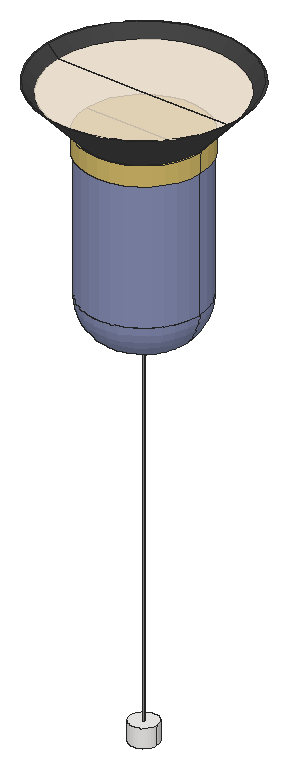
Revit family "Haworth_BuzziHat_Light", category Lighting Fixtures, host Face, Revit 2018
Family settings
  Host = Face
  Round Connector Dimension = Use Diameter
  Part Type = Normal
  Cut with Voids When Loaded = No
  Light Source = No
  Shared = No
  Room Calculation Point = No
Parameters (values of type "HCBZ-HTP4 - Extra Large")
  Warranty = "http://www.haworth.com/resources/product-info/warranties"
  Upholstery Finish [instance] = Haworth _ Fabric _ Kvadrat Hero_BHR-751
  URL - Product = "https://www.haworth.com/products/lighting/acoustic/buzzihat"
  URL = "http://www.haworth.com/our-brands/haworth-collection"
  Small = not(or(Medium, Large, Extra Large))  # no
  Ring Finish [instance] = Haworth _ Metal _ Gold BTR-GOLD
  Revision = "1"  # constant formula
  Note = "Verify Final Dim. w/ Haworth"  # constant formula
  Model = "HCBZ-HTP"  # constant formula
  Min. Cable Length = 10.00"  # constant formula
  Medium = no
  Max. Cable Length = 196.85039"  # constant formula
  Manufacturer = "Haworth"  # constant formula
  Large = no
  Lamp Shade Finish [instance] = Haworth _ Metal _ Black BTR-9005
  Glass Finish = Haworth _ Glass _ Frosted
  Extra Large = yes
  Description = "Haworth BuzziHat Pendant Light Extra Large"
  Default Elevation = 0.00"
  Cords Finish [instance] = Haworth _ Metal _ Satin Aluminum_Grey-Cord TR-E05
  Cable Length [instance] = 36.00"
  Author = "Haworth (Alias)"  # constant formula
  Assembly Code = "E2020200"
  Actual Width = 20.47244"  # constant formula
  Actual Height = if(Extra Large, 24.41016", if(Large, 20.46875", if(Medium, 16.53906", 11.01953")))  # 24.41016"
  Actual Depth = 20.47244"  # constant formula
  Actual Cable Length [instance] = if(Cable Length > Max. Cable Length, Max. Cable Length, if(Cable Length < Min. Cable Length, Min. Cable Length, Cable Length))  # 36.00"
Types (5): name | Small | Medium | Large | Extra Large | Description | Actual Height
  (no name) | no | no | no | yes | "Haworth BuzziHat Pendant Light Extra Large" | 24.41016"
  HCBZ-HTP3 - Large | no | no | yes | no | "Haworth BuzziHat Pendant Light Large" | 20.46875"
  HCBZ-HTP2 - Medium | no | yes | no | no | "Haworth BuzziHat Pendant Light Medium" | 16.53906"
  HCBZ-HTP1 - Small | yes | no | no | no | "Haworth BuzziHat Pendant Light Small" | 11.01953"
  HCBZ-HTP4 - Extra Large | no | no | no | yes | "Haworth BuzziHat Pendant Light Extra Large" | 24.41016"
Reference planes (in)
  plane 1 "Center (Front/Back)": y = 0
  plane 2: z = 0
  plane 3 "Center (Left/Right)": x = 0
  plane 4 "Left": x = -10.23622
  plane 5 "Right": x = 10.23622
  plane 6 "Back": y = 10.23622
  plane 7 "Front": y = -10.23622
  plane 8 "Support Bottom": z = 1.88976
  plane 9 "Shade Bottom": z = 37.88976
  plane 10: z = 38.08661
Forms (in)
  Extrusion 1, solid, material "Haworth _ Paint _ Collection White"
    sketch origin (0, 0, 0) x (1, 0, 0) y (0, 1, 0)
      loop
        circle (0, 0) r 1.37795
    from 0 to 1.88976
  Extrusion 2, solid
    sketch origin (0, 0, 0) x (1, 0, 0) y (0, 1, 0)
      loop
        circle (0, 0) r 1.67323
    from 37.88976 to 38.08661
  Extrusion 3, solid, material "Haworth _ Metal _ Satin Aluminum_Grey-Cord TR-E05" <- "Cords Finish"
    sketch origin (0, 0, 0) x (1, 0, 0) y (0, 1, 0)
      loop
        circle (0, 0) r 0.07926
    from 1.88976 to 37.88976
Dimensions and locks (in)
  "Actual Depth": plane 6 "Back" to plane 7 "Front"
  equal spacing: plane 6 "Back", plane 1 "Center (Front/Back)", plane 7 "Front"
  equal spacing: plane 4 "Left", plane 3 "Center (Left/Right)", plane 5 "Right"
  "Actual Width": plane 4 "Left" to plane 5 "Right"
  locked: plane 8 "Support Bottom" to plane 2 at 1.88976
  locked: plane 10 to plane 9 "Shade Bottom" at 0.19685
  "Actual Cable Length": plane 9 "Shade Bottom" to plane 8 "Support Bottom"
  radius of Extrusion 1 sketch curve = 1.37795"
  radius of Extrusion 3 sketch curve = 0.07926"
  aligned and locked: plane 2 to host face
  aligned and locked: level to host face
  aligned and locked: plane 1 "Center (Front/Back)" to Extrusion 1 sketch curve
  aligned and locked: plane 3 "Center (Left/Right)" to Extrusion 1 sketch curve
  aligned and locked: Extrusion 1 to plane 2
  aligned and locked: plane 8 "Support Bottom" to Extrusion 1
  aligned and locked: plane 10 to Extrusion 2
  aligned and locked: Extrusion 2 to plane 9 "Shade Bottom"
  aligned and locked: plane 1 "Center (Front/Back)" to nested 1
  aligned and locked: plane 3 "Center (Left/Right)" to nested 1
  aligned and locked: nested 1 to plane 10
  aligned and locked: plane 1 "Center (Front/Back)" to Extrusion 3 sketch curve
  aligned and locked: plane 3 "Center (Left/Right)" to Extrusion 3 sketch curve
  aligned and locked: Extrusion 3 to plane 8 "Support Bottom"
  aligned and locked: plane 9 "Shade Bottom" to Extrusion 3
Automatic sketch dimensions
  host sketch curve to host sketch curve = 96.00"  (x2)
  plane 1 "Center (Front/Back)" to Extrusion 2 sketch curve = 0.00"
  Extrusion 2 sketch curve to plane 3 "Center (Left/Right)" = 0.00"
  radius of Extrusion 2 sketch curve = 1.67323"
Nested families (in)
  nested 1: "Haworth_BuzziHat_Pendant_PART" at (0, 0, 38.08661), type "Pendant"
Definition of nested family "Haworth_BuzziHat_Pendant_PART"
  Parameters (values of type "Pendant")
    Wattage = 19 W
    Warranty = "http://www.haworth.com/resources/product-info/warranties"
    built-in parameter 1150110 = 1 (stored number, unit not read)
    Upholstery Finish = none
    URL - Product = "https://www.haworth.com/products/lighting/acoustic/buzzihat"
    URL = "http://www.haworth.com/our-brands/haworth-collection"
    Trim Finish = none
    built-in parameter 1114217 = 1 (stored number, unit not read)
    Tilt Angle = 90.00°
    built-in parameter 1150109 = 1 (stored number, unit not read)
    built-in parameter 1150134 = (empty or 0)
    built-in parameter 1150113 = 1 (stored number, unit not read)
    Small = no
    Size = "Verify Final Dim. w/ Haworth"  # constant formula
    Shade Radius = 4.25"  # constant formula
    Revision Number = "1"  # constant formula
    Photometric Web File = "generic"
    built-in parameter 1150142 = (empty or 0)
    Model = "HCBZ-HTP"  # constant formula
    Medium = no
    Manufacturer = "Haworth"  # constant formula
    built-in parameter 1150105 = 158.76 (stored number, unit not read)
    Lumens = 1995 lm
    built-in parameter 1150115 = 1 (stored number, unit not read)
    built-in parameter 1150137 = (empty or 0)
    built-in parameter 1150139 = (empty or 0)
    Large = no
    built-in parameter 1150112 = 1 (stored number, unit not read)
    Lamp Shade Finish = none
    built-in parameter 1150114 = 1 (stored number, unit not read)
    built-in parameter 1150132 = (empty or 0)
    built-in parameter 1150102 = (empty or 0)
    built-in parameter 1150107 = 3000 (stored number, unit not read)
    built-in parameter 1150138 = (empty or 0)
    built-in parameter 1150106 = 1.5876 (stored number, unit not read)
    Glass Finish = none
    Extra Large = yes
    Emit from Circle Diameter = 24.00"
    Emit Shape Visible in Rendering = no
    built-in parameter 1150104 = 9.7548 (stored number, unit not read)
    Dimming Lamp Color Temperature Shift = (empty or 0)
    Description = "Haworth BuzziHat Pendant - Part"
    Color Filter = 16777215
    built-in parameter 1114218 = 1 (stored number, unit not read)
    Author = "Haworth(Alias)"  # constant formula
    built-in parameter 1150133 = 10 (stored number, unit not read)
    Actual Width = 20.47266"  # constant formula
    Actual Height = if(Extra Large, 24.41016", if(Large, 20.46875", if(Medium, 16.53906", 11.01953")))  # 24.41016"
    Actual Depth = 20.47266"  # constant formula
  Reference planes (in)
    plane 1 "Light Source Axis (F/B)": y = 0
    plane 2 "Bottom": z = 0
    plane 3 "Light Source Axis (L/R)": x = 0
    plane 4 "Light Source Elevation": z = 24.41016
    plane 5: y = 10.23633
    plane 6: y = -10.23633
    plane 7: x = 10.23633
    plane 8: x = -10.23633
    plane 9 "Top": z = 24.41016
    plane 10 "Inside Left": x = -5.87534
    plane 11 "Inside Right'": x = 5.87534
    plane 12 "Upholstery Top": z = 17.77854
    plane 13 "Ring Top": z = 19.74704
  Forms (in)
    Revolve 1, solid, material <- "Upholstery Finish"
      sketch origin (0, 0, 0) x (1, 0, 0) y (0, 0, 1)
        loop
          line (-5.87534, 17.77854) -> (-5.87534, 4.25)
          arc (-5.87534, 4.25) -> (-4.63055, 1.2448) -> (-1.62534, 0) r 4.25
          line (-1.62534, 0) -> (0, 0) -> (0, 17.77854) -> (-5.87534, 17.77854)
        axis (0, 17.77854) -> (0, 0)
      angle from 0 to 360
    Revolve 2, solid, material <- "Trim Finish"
      sketch origin (0, 0, 0) x (1, 0, 0) y (0, 0, 1)
        loop
          line (-6.05349, 19.74704) -> (-6.05349, 17.77854) -> (0, 17.77854) -> (0, 19.74704) -> (-6.05349, 19.74704)
        axis (0, 19.74704) -> (0, 17.77854)
      angle from 0 to 360
    Revolve 3, solid, material <- "Lamp Shade Finish"
      sketch origin (0, 0, 0) x (1, 0, 0) y (0, 0, 1)
        loop
          line (-10.23633, 24.41016) -> (-5.87534, 19.74704) -> (0, 19.74704) -> (0, 23.31878) -> (-9.09236, 23.31878) -> (-10.11303, 24.41016) -> (-10.23633, 24.41016)
        axis (0, 24.41016) -> (0, 19.74704)
      angle from 0 to 360
  Lines and regions (in)
    Masking region 1
      outline origin (0, 0, 0) x (1, 0, 0) y (0, 1, 0)
        loop
          circle (0, 0) r 10.23622
  Dimensions and locks (in)
    "Actual Depth": plane 5 to plane 6
    "Actual Width": plane 8 to plane 7
    equal spacing: plane 6, plane 1 "Light Source Axis (F/B)", plane 5
    equal spacing: plane 8, plane 3 "Light Source Axis (L/R)", plane 7
    locked: plane 3 "Light Source Axis (L/R)" to plane 10 "Inside Left" at 5.87534
    locked: plane 11 "Inside Right'" to plane 3 "Light Source Axis (L/R)" at 5.87534
    plane 12 "Upholstery Top" to plane 2 "Bottom" = 17.77854"
    locked: Revolve 2 sketch curve to Revolve 2 sketch curve at 6.05349
    locked: plane 13 "Ring Top" to plane 12 "Upholstery Top" at 1.9685
    locked: plane 9 "Top" to plane 13 "Ring Top" at 4.66312
    locked: Revolve 3 sketch curve to Revolve 3 sketch curve at 0.1233
    locked: plane 9 "Top" to Revolve 3 sketch curve at 1.09138
    "Actual Height": plane 9 "Top" to plane 2 "Bottom"
    "Shade Radius": radius of Revolve 1 sketch curve
    radius of Masking region 1 sketch curve = 10.23622"
    aligned and locked: level to plane 2 "Bottom"
    aligned and locked: imposter light to plane 4 "Light Source Elevation"
    aligned and locked: Revolve 1 sketch curve to plane 10 "Inside Left"
    aligned and locked: plane 2 "Bottom" to Revolve 1 sketch curve
    aligned and locked: Revolve 1 sketch curve to plane 3 "Light Source Axis (L/R)"
    aligned and locked: plane 12 "Upholstery Top" to Revolve 1 sketch curve
    aligned and locked: plane 3 "Light Source Axis (L/R)" to Revolve 1 sketch curve
    aligned and locked: plane 13 "Ring Top" to Revolve 2 sketch curve
    aligned and locked: plane 3 "Light Source Axis (L/R)" to Revolve 2 sketch curve
    aligned and locked: Revolve 2 sketch curve to plane 12 "Upholstery Top"
    aligned and locked: Revolve 2 sketch curve to plane 3 "Light Source Axis (L/R)"
    aligned and locked: plane 9 "Top" to Revolve 3 sketch curve
    aligned and locked: plane 3 "Light Source Axis (L/R)" to Revolve 3 sketch curve
    aligned and locked: Revolve 3 sketch curve to plane 13 "Ring Top"
    aligned and locked: Revolve 3 sketch curve to plane 3 "Light Source Axis (L/R)"
    aligned and locked: plane 4 "Light Source Elevation" to plane 9 "Top"
    aligned and locked: plane 3 "Light Source Axis (L/R)" to imposter light
    aligned and locked: imposter light to plane 1 "Light Source Axis (F/B)"
  Automatic sketch dimensions
    plane 1 "Light Source Axis (F/B)" to Masking region 1 sketch curve = 0.00"
    Masking region 1 sketch curve to plane 3 "Light Source Axis (L/R)" = 0.00"
    Revolve 2 sketch curve to plane 12 "Upholstery Top" = 5.0315"
    Revolve 2 sketch curve to Revolve 2 sketch curve = 2.00"
    plane 8 to Revolve 3 sketch curve = 0.00"
    Revolve 3 sketch curve to plane 10 "Inside Left" = 0.00"
    Revolve 3 sketch curve to plane 8 = 1.14397"
    level to Revolve 3 sketch curve = 5.47266"
    Revolve 3 sketch curve to Revolve 3 sketch curve = 8.09138"
    Revolve 1 sketch curve to level = 2.15896"
    Revolve 1 sketch curve to plane 4 "Light Source Elevation" = 2.36838"
